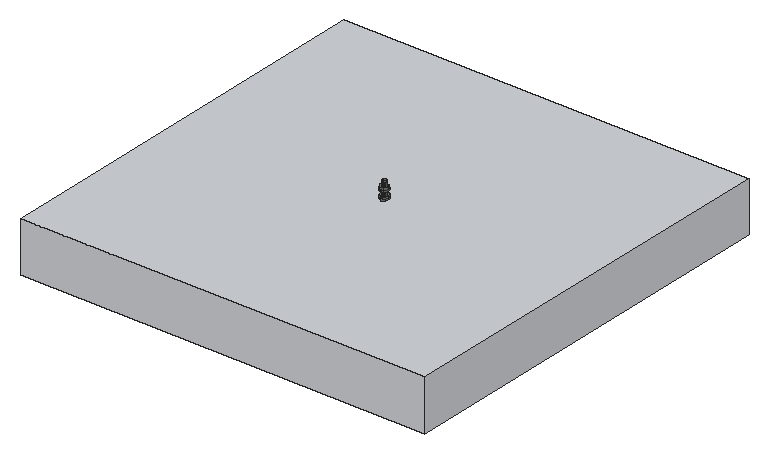
Revit family "Bolt l Type 02", category Modelos genéricos, Revit 2025 (continued)
Definition of nested family "Rod with Detail free"
  Definition of nested family "Rod Part"
    Automatic sketch dimensions
      SweptBlend 38 sketch curve to profile plane = 0 mm
      SweptBlend 41 sketch curve to SweptBlend 41 sketch curve = 0.75 mm  (x2)
      SweptBlend 41 sketch curve to SweptBlend 41 sketch curve = 1.5 mm  (x2)
      SweptBlend 40 sketch curve to SweptBlend 40 sketch curve = 0.75 mm  (x4)
      profile plane to SweptBlend 40 sketch curve = 11.25 mm
      SweptBlend 41 sketch curve to profile plane = 0 mm
      profile plane to SweptBlend 41 sketch curve = 1.299 mm  (x2)
      profile plane to SweptBlend 41 sketch curve = 9 mm
      profile plane to SweptBlend 41 sketch curve = 0 mm
      profile plane to SweptBlend 41 sketch curve = 9.75 mm
      profile plane to SweptBlend 40 sketch curve = 0 mm
      SweptBlend 40 sketch curve to profile plane = 1.299 mm  (x2)
      profile plane to SweptBlend 40 sketch curve = 12 mm
      SweptBlend 40 sketch curve to profile plane = 0 mm
      SweptBlend 43 sketch curve to SweptBlend 43 sketch curve = 0.75 mm  (x2)
      SweptBlend 43 sketch curve to SweptBlend 43 sketch curve = 1.5 mm  (x2)
      SweptBlend 42 sketch curve to SweptBlend 42 sketch curve = 0.75 mm  (x4)
      profile plane to SweptBlend 42 sketch curve = 11.25 mm
      SweptBlend 43 sketch curve to profile plane = 0 mm
      profile plane to SweptBlend 43 sketch curve = 1.299 mm  (x2)
      profile plane to SweptBlend 43 sketch curve = 9 mm
      profile plane to SweptBlend 43 sketch curve = 0 mm
      profile plane to SweptBlend 43 sketch curve = 9.75 mm
      profile plane to SweptBlend 42 sketch curve = 0 mm
      SweptBlend 42 sketch curve to profile plane = 1.299 mm  (x2)
      profile plane to SweptBlend 42 sketch curve = 12 mm
      SweptBlend 42 sketch curve to profile plane = 0 mm
      SweptBlend 45 sketch curve to SweptBlend 45 sketch curve = 0.75 mm  (x2)
      SweptBlend 45 sketch curve to SweptBlend 45 sketch curve = 1.5 mm  (x2)
      SweptBlend 44 sketch curve to SweptBlend 44 sketch curve = 0.75 mm  (x4)
      profile plane to SweptBlend 44 sketch curve = 11.25 mm
      SweptBlend 45 sketch curve to profile plane = 0 mm
      profile plane to SweptBlend 45 sketch curve = 1.299 mm  (x2)
      profile plane to SweptBlend 45 sketch curve = 9 mm
      profile plane to SweptBlend 45 sketch curve = 0 mm
      profile plane to SweptBlend 45 sketch curve = 9.75 mm
      profile plane to SweptBlend 44 sketch curve = 0 mm
      SweptBlend 44 sketch curve to profile plane = 1.299 mm  (x2)
      profile plane to SweptBlend 44 sketch curve = 12 mm
      SweptBlend 44 sketch curve to profile plane = 0 mm
      SweptBlend 47 sketch curve to SweptBlend 47 sketch curve = 0.75 mm  (x2)
      SweptBlend 47 sketch curve to SweptBlend 47 sketch curve = 1.5 mm  (x2)
      SweptBlend 46 sketch curve to SweptBlend 46 sketch curve = 0.75 mm  (x4)
      profile plane to SweptBlend 46 sketch curve = 11.25 mm
      SweptBlend 47 sketch curve to profile plane = 0 mm
      profile plane to SweptBlend 47 sketch curve = 1.299 mm  (x2)
      profile plane to SweptBlend 47 sketch curve = 9 mm
      profile plane to SweptBlend 47 sketch curve = 0 mm
      profile plane to SweptBlend 47 sketch curve = 9.75 mm
      profile plane to SweptBlend 46 sketch curve = 0 mm
      SweptBlend 46 sketch curve to profile plane = 1.299 mm  (x2)
      profile plane to SweptBlend 46 sketch curve = 12 mm
      SweptBlend 46 sketch curve to profile plane = 0 mm
      SweptBlend 49 sketch curve to SweptBlend 49 sketch curve = 0.75 mm  (x2)
      SweptBlend 49 sketch curve to SweptBlend 49 sketch curve = 1.5 mm  (x2)
      SweptBlend 48 sketch curve to SweptBlend 48 sketch curve = 0.75 mm  (x4)
      profile plane to SweptBlend 48 sketch curve = 11.25 mm
      SweptBlend 49 sketch curve to profile plane = 0 mm
      profile plane to SweptBlend 49 sketch curve = 1.299 mm  (x2)
      profile plane to SweptBlend 49 sketch curve = 9 mm
      profile plane to SweptBlend 49 sketch curve = 0 mm
      profile plane to SweptBlend 49 sketch curve = 9.75 mm
      profile plane to SweptBlend 48 sketch curve = 0 mm
      SweptBlend 48 sketch curve to profile plane = 1.299 mm  (x2)
      profile plane to SweptBlend 48 sketch curve = 12 mm
      SweptBlend 48 sketch curve to profile plane = 0 mm
      SweptBlend 51 sketch curve to SweptBlend 51 sketch curve = 0.75 mm  (x2)
      SweptBlend 51 sketch curve to SweptBlend 51 sketch curve = 1.5 mm  (x2)
      SweptBlend 50 sketch curve to SweptBlend 50 sketch curve = 0.75 mm  (x4)
      profile plane to SweptBlend 50 sketch curve = 11.25 mm
      SweptBlend 51 sketch curve to profile plane = 0 mm
      profile plane to SweptBlend 51 sketch curve = 1.299 mm  (x2)
      profile plane to SweptBlend 51 sketch curve = 9 mm
      profile plane to SweptBlend 51 sketch curve = 0 mm
      profile plane to SweptBlend 51 sketch curve = 9.75 mm
      profile plane to SweptBlend 50 sketch curve = 0 mm
      SweptBlend 50 sketch curve to profile plane = 1.299 mm  (x2)
      profile plane to SweptBlend 50 sketch curve = 12 mm
      SweptBlend 50 sketch curve to profile plane = 0 mm
      SweptBlend 53 sketch curve to SweptBlend 53 sketch curve = 0.75 mm  (x2)
      SweptBlend 53 sketch curve to SweptBlend 53 sketch curve = 1.5 mm  (x2)
      SweptBlend 52 sketch curve to SweptBlend 52 sketch curve = 0.75 mm  (x4)
      profile plane to SweptBlend 52 sketch curve = 11.25 mm
      SweptBlend 53 sketch curve to profile plane = 0 mm
      profile plane to SweptBlend 53 sketch curve = 1.299 mm  (x2)
      profile plane to SweptBlend 53 sketch curve = 9 mm
      profile plane to SweptBlend 53 sketch curve = 0 mm
      profile plane to SweptBlend 53 sketch curve = 9.75 mm
      profile plane to SweptBlend 52 sketch curve = 0 mm
      SweptBlend 52 sketch curve to profile plane = 1.299 mm  (x2)
      profile plane to SweptBlend 52 sketch curve = 12 mm
      SweptBlend 52 sketch curve to profile plane = 0 mm
      SweptBlend 55 sketch curve to SweptBlend 55 sketch curve = 0.75 mm  (x2)
      SweptBlend 55 sketch curve to SweptBlend 55 sketch curve = 1.5 mm  (x2)
      SweptBlend 54 sketch curve to SweptBlend 54 sketch curve = 0.75 mm  (x4)
      profile plane to SweptBlend 54 sketch curve = 11.25 mm
      SweptBlend 55 sketch curve to profile plane = 0 mm
      profile plane to SweptBlend 55 sketch curve = 1.299 mm  (x2)
      profile plane to SweptBlend 55 sketch curve = 9 mm
      profile plane to SweptBlend 55 sketch curve = 0 mm
      profile plane to SweptBlend 55 sketch curve = 9.75 mm
      profile plane to SweptBlend 54 sketch curve = 0 mm
      SweptBlend 54 sketch curve to profile plane = 1.299 mm  (x2)
      profile plane to SweptBlend 54 sketch curve = 12 mm
      SweptBlend 54 sketch curve to profile plane = 0 mm
      plane 1 "Center (Front/Back)" to SweptBlend 2 sketch curve = 0 mm
      SweptBlend 2 sketch curve to plane 5 = 0 mm
      plane 1 "Center (Front/Back)" to SweptBlend 4 sketch curve = 0 mm
      SweptBlend 4 sketch curve to plane 5 = 0 mm
Definition of nested family "Bolt Head Nut with Washer free"
  Parameters (values of type "Bolt Head Nut with Washer free")
    Nominal Ø [instance] = 16 mm
    Material [instance] = none
    Default Elevation = 1219.2 mm
  Reference planes
    plane 1 "Center (Front/Back)": y = 0
    plane 2: z = 0
    plane 3 "Center (Left/Right)": x = 0
  Forms (mm)
    Extrusion 1, solid
      sketch origin (0, 0, 0) x (1, 0, 0) y (0, 1, 0)
        loop
          line (-1219.2, 1219.2) -> (-1219.2, -1219.2) -> (1219.2, -1219.2) -> (1219.2, 1219.2) -> (-1219.2, 1219.2)
      from 0 to -304.8
  Dimensions and locks
    aligned and locked: plane 2 to Extrusion 1
    aligned and locked: level to Extrusion 1
    aligned and locked: nested 1 to plane 1 "Center (Front/Back)"
    aligned and locked: plane 3 "Center (Left/Right)" to nested 1
    aligned and locked: plane 3 "Center (Left/Right)" to nested 2
    aligned and locked: plane 1 "Center (Front/Back)" to nested 2
  Nested families
    nested 1: "Bold Nut free" at (0, 0, 3) x (0, 1, 0) z (0, 0, 1), Nominal Ø <- "Nominal Ø", Material <- "Material", type "Bold Nut free"
      with Thickness 10.4 mm, Nominal Ø 16 mm, Material none, Across Flat 26.4 mm, Across Corner 26.4 mm, AC1 30.36 mm
    nested 2: "Washer free" at (0, 0, 0), Nominal Ø <- "Nominal Ø", Material <- "Material", type "Washer free"
      with Thickness 3.2 mm, Outer Ø 32 mm, Nominal Ø 16 mm, Material none, Hole Ø 17.6 mm
  Definition of nested family "Bold Nut free"
    Parameters (values of type "Bold Nut free")
      Thickness [instance] = Nominal Ø * 0.65  # 10.4 mm
      Nominal Ø [instance] = 16 mm
      Material [instance] = none
      Default Elevation = 1219.2 mm
      Across Flat [instance] = Nominal Ø * 1.65  # 26.4 mm
      Across Corner [instance] = Nominal Ø * 1.65  # 26.4 mm
      AC1 [instance] = Across Corner * 1.15  # 30.36 mm
    Reference planes
      plane 1 "Center (Front/Back)": y = 0
      plane 2: z = 0
      plane 3 "Center (Left/Right)": x = 0
      plane 4: y = 13.2
      plane 5: y = -13.2
      plane 6: z = 10.4
    Forms (mm)
      Extrusion 1, solid
        sketch origin (0, 0, 0) x (1, 0, 0) y (0, 1, 0)
          loop
            line (-1219.2, 1219.2) -> (-1219.2, -1219.2) -> (1219.2, -1219.2) -> (1219.2, 1219.2) -> (-1219.2, 1219.2)
        from 0 to -304.8
      Extrusion 2, solid, material <- "Material"
        sketch origin (0, 0, 0) x (1, 0, 0) y (0, 1, 0)
          loop
            line (-7.621, 13.2) -> (-15.242, 0) -> (-7.621, -13.2) -> (7.621, -13.2) -> (15.242, 0) -> (7.621, 13.2) -> (-7.621, 13.2)
          loop
            circle (0, 0) r 8
        from 0 to 10.4
    Dimensions and locks
      equal spacing: plane 4, plane 1 "Center (Front/Back)", plane 5
      "Across Flat": plane 4 to plane 5
      equal spacing: Extrusion 2 sketch curve, plane 3 "Center (Left/Right)", Extrusion 2 sketch curve  (x2)
      "Across Flat": Extrusion 2 sketch curve to Extrusion 2 sketch curve  (x2)
      "Thickness": plane 6 to plane 2
      "Nominal Ø": diameter of Extrusion 2 sketch curve
      angle Extrusion 2 sketch curve to Extrusion 2 sketch curve = 120.00°  (x3)
      aligned and locked: plane 2 to Extrusion 1
      aligned and locked: level to Extrusion 1
      aligned and locked: plane 4 to Extrusion 2 sketch curve
      aligned and locked: Extrusion 2 sketch curve to plane 5
      aligned and locked: plane 6 to Extrusion 2
      aligned and locked: plane 3 "Center (Left/Right)" to Extrusion 2 sketch curve
      aligned and locked: plane 1 "Center (Front/Back)" to Extrusion 2 sketch curve
    Automatic sketch dimensions
      Extrusion 1 sketch curve to Extrusion 1 sketch curve = 2438.4 mm  (x2)
  Definition of nested family "Washer free"
    Parameters (values of type "Washer free")
      Thickness [instance] = Nominal Ø * 0.2  # 3.2 mm
      Outer Ø [instance] = Nominal Ø * 2  # 32 mm
      Nominal Ø [instance] = 16 mm
      Material [instance] = none
      Lookup Table Name = "Washer"
      Hole Ø [instance] = Nominal Ø * 1.1  # 17.6 mm
      Default Elevation = 1219.2 mm
    Reference planes
      plane 1 "Center (Front/Back)": y = 0
      plane 2: z = 0
      plane 3 "Center (Left/Right)": x = 0
      plane 4: z = 3.2
    Forms (mm)
      Extrusion 1, solid
        sketch origin (0, 0, 0) x (1, 0, 0) y (0, 1, 0)
          loop
            line (-1219.2, 1219.2) -> (-1219.2, -1219.2) -> (1219.2, -1219.2) -> (1219.2, 1219.2) -> (-1219.2, 1219.2)
        from 0 to -304.8
      Extrusion 2, solid, material <- "Material"
        sketch origin (0, 0, 0) x (1, 0, 0) y (0, 1, 0)
          loop
            circle (0, 0) r 16
          loop
            circle (0, 0) r 8.8
        from 0 to 3.2
    Dimensions and locks
      "Thickness": plane 4 to plane 2
      "Outer Ø": diameter of Extrusion 2 sketch curve
      "Hole Ø": diameter of Extrusion 2 sketch curve
      aligned and locked: plane 2 to Extrusion 1
      aligned and locked: level to Extrusion 1
      aligned and locked: plane 1 "Center (Front/Back)" to Extrusion 2 sketch curve  (x2)
      aligned and locked: plane 3 "Center (Left/Right)" to Extrusion 2 sketch curve  (x2)
      aligned and locked: plane 4 to Extrusion 2
    Automatic sketch dimensions
      Extrusion 1 sketch curve to Extrusion 1 sketch curve = 2438.4 mm  (x2)
